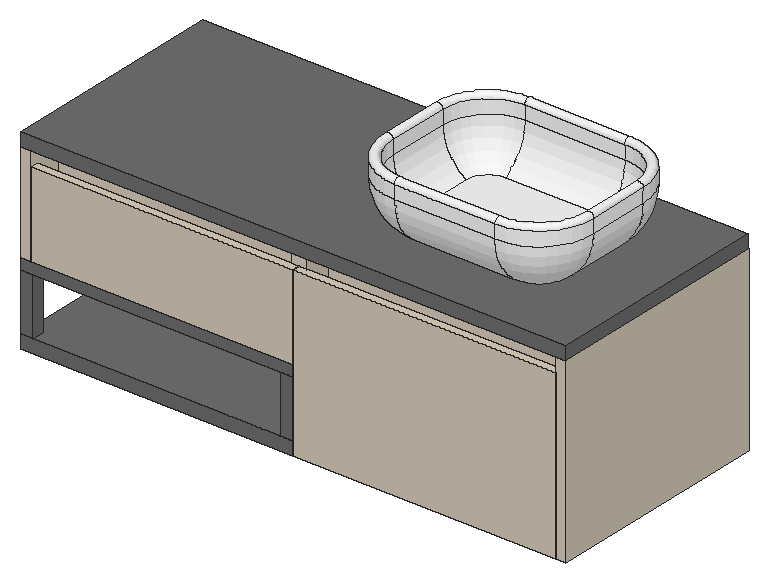
Revit family "LM0156831_Mueble  Plus 120 Cm", category Specialty Equipment, Revit 2019
Family settings
  Round Connector Dimension = Use Diameter
  Part Type = Normal
  Work Plane-Based = No
  Always vertical = Yes
  Cut with Voids When Loaded = No
  Shared = No
  Room Calculation Point = No
Parameters
  Resistencia al Rayado = "700 ciclos."  # constant formula
  Resistencia a la humedad = "8%."  # constant formula
  Profundidad = 500 mm
  Profundida Lavamanos = 376 mm
  Peso Neto aprox = "71,2 lb (32,3 kg)."  # constant formula
  Peso Bruto aprox = "82,5 lb (37,4 kg)."  # constant formula
  Model = "Mueble Plus 120cm"  # constant formula
  Material 3 = Corona_Madera_Onix
  Material 2 = Corona_Madera_Aglomerada_Duna
  Material = Corona_Porcelana_Sanitaria
  Manufacturer = "Corona"  # constant formula
  Fecha de creación = "30/07/2020"  # constant formula
  Dimensiones generales del producto = "16,73” x 47,09” x 19,69” (425 x 1196 x 500 mm)."  # constant formula
  Densidad = "25mm 597 kg./m^3."  # constant formula
  Creado por = "IDD"  # constant formula
  Canto = "PVC rígido 22 mm de calibre."  # constant formula
  Ancho Lavamanos = 460 mm
  Ancho = 1196 mm
  Altura Lavamanos = 150 mm
  Alto = 425 mm
Reference planes
  plane 1 "Center (Front/Back)": y = 0
  plane 2: z = 0
  plane 3 "Center (Left/Right)": x = 0
  plane 4: x = -598
  plane 5: x = 598
  plane 6: y = -500
  plane 7: z = 425
  plane 8: z = 575
  plane 9: x = 52.703
  plane 10: x = 512.703
  plane 11: y = -61.194
  plane 12: y = -437.194
Forms (mm)
  Extrusion 1, solid, material "Corona_Madera_Onix" <- "Material 3"
    sketch origin (0, 0, 0) x (1, 0, 0) y (0, 0, 1)
      loop
        line (-598, 425) -> (-598, 396.484) -> (598, 396.484) -> (598, 425) -> (-598, 425)
    from 0 to 500
  Extrusion 2, solid, material "Corona_Madera_Onix" <- "Material 3"
    sketch origin (0, 0, 0) x (1, 0, 0) y (0, 0, 1)
      loop
        line (0, 28.872) -> (-598, 28.872) -> (-598, 0) -> (0, 0) -> (0, 28.872)
    from 0 to 500
  Extrusion 3, solid, material "Corona_Madera_Onix" <- "Material 3"
    sketch origin (0, 0, 148.75) x (1, 0, 0) y (0, 0, 1)
      loop
        line (0, 28.872) -> (-598, 28.872) -> (-598, 6.25) -> (0, 6.25) -> (0, 28.872)
    from 0 to 500
  Extrusion 4, solid, material "Corona_Madera_Onix" <- "Material 3"
    sketch origin (0, 0, 0) x (1, 0, 0) y (0, 0, 1)
      loop
        line (-570.497, 155) -> (-598, 155) -> (-598, 28.872) -> (-570.497, 28.872) -> (-570.497, 155)
      loop
        line (0, 155) -> (-27.503, 155) -> (-27.503, 28.872) -> (0, 28.872) -> (0, 155)
    from 0 to 27.5
  Extrusion 5, solid, material "Corona_Madera_Onix" <- "Material 3"
    sketch origin (0, -472.5, 0) x (1, 0, 0) y (0, 0, 1)
      loop
        line (-570.497, 155) -> (-598, 155) -> (-598, 28.872) -> (-570.497, 28.872) -> (-570.497, 155)
      loop
        line (0, 155) -> (-27.503, 155) -> (-27.503, 28.872) -> (0, 28.872) -> (0, 155)
    from 0 to 27.5
  Extrusion 6, solid, material "Corona_Madera_Aglomerada_Duna" <- "Material 2"
    sketch origin (0, 0, 0) x (1, 0, 0) y (0, 1, 0)
      loop
        line (-17.099, 0) -> (-17.099, -483.479) -> (17.901, -483.479) -> (17.901, 0) -> (-17.099, 0)
    from 177.622 to 396.484
  Extrusion 7, solid, material "Corona_Madera_Aglomerada_Duna" <- "Material 2"
    sketch origin (0, 0, 0) x (1, 0, 0) y (0, 1, 0)
      loop
        line (0, -425.931) -> (575.5, -425.931) -> (575.5, 0) -> (0, 0) -> (0, -425.931)
    from 0 to 396.484
  Extrusion 8, solid, material "Corona_Madera_Aglomerada_Duna" <- "Material 2"
    sketch origin (0, 0, 0) x (1, 0, 0) y (0, 1, 0)
      loop
        line (-598, 0) -> (-598, -500) -> (-575.578, -500) -> (-575.578, 0) -> (-598, 0)
    from 177.622 to 396.484
  Extrusion 9, solid, material "Corona_Madera_Aglomerada_Duna" <- "Material 2"
    sketch origin (0, 0, 0) x (-1, 0, 0) y (0, -1, 0)
      loop
        line (-598, 0) -> (-575.578, 0) -> (-575.578, 500) -> (-598, 500) -> (-598, 0)
    from 0 to 396.484
  Extrusion 10, solid, material "Corona_Madera_Aglomerada_Duna" <- "Material 2"
    sketch origin (0, 0, 0) x (1, 0, 0) y (0, 1, 0)
      loop
        line (-575.578, -425.931) -> (-17.099, -425.931) -> (-17.099, 0) -> (-575.578, 0) -> (-575.578, -425.931)
    from 177.622 to 396.484
  Extrusion 11, solid, material "Corona_Madera_Aglomerada_Duna" <- "Material 2"
    sketch origin (0, 0, 0) x (1, 0, 0) y (0, 0, 1)
      loop
        line (-575.578, 365) -> (-575.578, 177.622) -> (0, 177.622) -> (0, 365) -> (-575.578, 365)
    from 483.479 to 500
  Extrusion 12, solid, material "Corona_Madera_Aglomerada_Duna" <- "Material 2"
    sketch origin (0, 0, 0) x (1, 0, 0) y (0, 0, 1)
      loop
        line (0, 365) -> (0, 0) -> (575.578, 0) -> (575.578, 365) -> (0, 365)
    from 483.479 to 500
  Sweep 13, solid, material "Corona_Porcelana_Sanitaria" <- "Material"
    path origin (0, 0, 0) x (1, 0, 0) y (0, 1, 0)
      loop
        arc (52.703, -317.194) -> (87.85, -402.047) -> (172.703, -437.194) r 120
        line (172.703, -437.194) -> (392.703, -437.194)
        arc (392.703, -437.194) -> (477.556, -402.047) -> (512.703, -317.194) r 120
        line (512.703, -317.194) -> (512.703, -181.194)
        arc (512.703, -181.194) -> (477.556, -96.342) -> (392.703, -61.194) r 120
        line (392.703, -61.194) -> (172.703, -61.194)
        arc (172.703, -61.194) -> (87.85, -96.342) -> (52.703, -181.194) r 120
        line (52.703, -181.194) -> (52.703, -317.194)
    profile origin (52.703, -249.194, 0) x (-1, 0, 0) y (0, 0, 1)
      loop
        arc (0, 565) -> (-10, 575) -> (-20, 565) r 10
        line (-20, 565) -> (-20, 535)
        arc (-20, 535) -> (-33.73, 483.2) -> (-71.314, 445) r 104.583
        line (-71.314, 445) -> (-86.095, 445) -> (-86.095, 425) -> (-66.095, 425)
        arc (-66.095, 425) -> (-17.794, 470.835) -> (0, 535) r 124.583
        line (0, 535) -> (0, 565)
  Extrusion 14, solid, material "Corona_Porcelana_Sanitaria" <- "Material"
    sketch origin (0, 0, 0) x (1, 0, 0) y (0, 1, 0)
      loop
        line (138.797, -181.194) -> (138.797, -317.194)
        arc (138.797, -317.194) -> (148.728, -341.169) -> (172.703, -351.1) r 33.905
        line (172.703, -351.1) -> (392.703, -351.1)
        arc (392.703, -351.1) -> (416.677, -341.169) -> (426.608, -317.194) r 33.905
        line (426.608, -317.194) -> (426.608, -181.194)
        arc (426.608, -181.194) -> (416.677, -157.22) -> (392.703, -147.289) r 33.905
        line (392.703, -147.289) -> (172.703, -147.289)
        arc (172.703, -147.289) -> (148.728, -157.22) -> (138.797, -181.194) r 33.905
    from 425 to 445
Cuts and joins
  joined: Sweep 13, Extrusion 14
  joined: Extrusion 6, Extrusion 7
Lines and regions (mm)
  symbolic lines
    curve 1: line (172.703, -61.194, 0) -> (392.703, -61.194, 0)
    curve 2: line (52.703, -317.194, 0) -> (52.703, -181.194, 0)
    curve 3: line (392.703, -437.194, 0) -> (172.703, -437.194, 0)
    curve 4: line (512.703, -181.194, 0) -> (512.703, -317.194, 0)
    curve 5: arc (392.703, -437.194, 0) -> (477.556, -402.047, 0) -> (512.703, -317.194, 0) r 120
    curve 6: arc (512.703, -181.194, 0) -> (477.556, -96.342, 0) -> (392.703, -61.194, 0) r 120
    curve 7: arc (172.703, -61.194, 0) -> (87.85, -96.342, 0) -> (52.703, -181.194, 0) r 120
    curve 8: arc (52.703, -317.194, 0) -> (87.85, -402.047, 0) -> (172.703, -437.194, 0) r 120
    curve 9: line (72.703, -317.194, 0) -> (72.703, -181.194, 0)
    curve 10: arc (172.703, -81.194, 0) -> (101.992, -110.484, 0) -> (72.703, -181.194, 0) r 100
    curve 11: line (172.703, -81.194, 0) -> (392.703, -81.194, 0)
    curve 12: arc (492.703, -181.194, 0) -> (463.413, -110.484, 0) -> (392.703, -81.194, 0) r 100
    curve 13: line (492.703, -181.194, 0) -> (492.703, -317.194, 0)
    curve 14: arc (392.703, -417.194, 0) -> (463.413, -387.905, 0) -> (492.703, -317.194, 0) r 100
    curve 15: line (392.703, -417.194, 0) -> (172.703, -417.194, 0)
    curve 16: arc (72.703, -317.194, 0) -> (101.992, -387.905, 0) -> (172.703, -417.194, 0) r 100
    curve 17: circle (276.061, -162.982, 0) r 10 normal (0, 0, 1)
Dimensions and locks
  equal spacing: plane 4, plane 3 "Center (Left/Right)", plane 5
  "Ancho": plane 4 to plane 5
  "Profundidad": plane 6 to plane 1 "Center (Front/Back)"
  "Alto": plane 7 to level
  "Altura Lavamanos": plane 8 to plane 7
  "Ancho Lavamanos": plane 9 to plane 10
  "Profundida Lavamanos": plane 11 to plane 12
  aligned and locked: level to plane 2
Automatic sketch dimensions
  Extrusion 1 sketch curve to plane 4 = 0 mm
  Extrusion 1 sketch curve to plane 5 = 0 mm
  Extrusion 1 sketch curve to plane 7 = 0 mm
  Extrusion 1 sketch curve to plane 7 = 28.516 mm
  Extrusion 2 sketch curve to plane 4 = 0 mm
  Extrusion 2 sketch curve to level = 0 mm
  Extrusion 2 sketch curve to plane 3 "Center (Left/Right)" = 0 mm
  level to Extrusion 2 sketch curve = 28.872 mm
  Extrusion 3 sketch curve to plane 4 = 0 mm
  Extrusion 3 sketch curve to plane 3 "Center (Left/Right)" = 0 mm
  level to Extrusion 3 sketch curve = 155 mm
  Extrusion 3 sketch curve to Extrusion 3 sketch curve = 22.622 mm
  Extrusion 4 sketch curve to plane 4 = 0 mm
  Extrusion 4 sketch curve to plane 3 "Center (Left/Right)" = 0 mm
  plane 4 to Extrusion 4 sketch curve = 27.503 mm
  Extrusion 4 sketch curve to plane 3 "Center (Left/Right)" = 27.503 mm
  level to Extrusion 4 sketch curve = 28.872 mm  (x2)
  Extrusion 4 sketch curve to Extrusion 4 sketch curve = 126.128 mm  (x2)
  Extrusion 5 sketch curve to plane 4 = 0 mm
  Extrusion 5 sketch curve to plane 3 "Center (Left/Right)" = 0 mm
  plane 4 to Extrusion 5 sketch curve = 27.503 mm
  Extrusion 5 sketch curve to plane 3 "Center (Left/Right)" = 27.503 mm
  level to Extrusion 5 sketch curve = 28.872 mm  (x2)
  Extrusion 5 sketch curve to Extrusion 5 sketch curve = 126.128 mm  (x2)
  Extrusion 6 sketch curve to plane 3 "Center (Left/Right)" = 17.099 mm
  plane 3 "Center (Left/Right)" to Extrusion 6 sketch curve = 17.901 mm
  plane 6 to Extrusion 6 sketch curve = 16.521 mm
  plane 1 "Center (Front/Back)" to Extrusion 6 sketch curve = 0 mm
  plane 1 "Center (Front/Back)" to Extrusion 7 sketch curve = 0 mm
  plane 4 to Extrusion 7 sketch curve = 598 mm
  Extrusion 7 sketch curve to plane 5 = 22.5 mm
  plane 6 to Extrusion 7 sketch curve = 74.069 mm
  Extrusion 8 sketch curve to plane 4 = 0 mm
  Extrusion 8 sketch curve to plane 6 = 0 mm
  plane 1 "Center (Front/Back)" to Extrusion 8 sketch curve = 0 mm
  plane 4 to Extrusion 8 sketch curve = 22.422 mm
  Extrusion 9 sketch curve to plane 5 = 0 mm
  Extrusion 9 sketch curve to plane 6 = 0 mm
  plane 1 "Center (Front/Back)" to Extrusion 9 sketch curve = 0 mm
  plane 5 to Extrusion 9 sketch curve = 22.422 mm
  plane 1 "Center (Front/Back)" to Extrusion 10 sketch curve = 0 mm
  plane 4 to Extrusion 10 sketch curve = 22.422 mm
  Extrusion 10 sketch curve to plane 5 = 615.099 mm
  plane 6 to Extrusion 10 sketch curve = 74.069 mm
  plane 4 to Extrusion 11 sketch curve = 22.422 mm
  Extrusion 11 sketch curve to plane 3 "Center (Left/Right)" = 0 mm
  level to Extrusion 11 sketch curve = 177.622 mm
  Extrusion 11 sketch curve to plane 7 = 60 mm
  Extrusion 12 sketch curve to level = 0 mm
  Extrusion 12 sketch curve to plane 3 "Center (Left/Right)" = 0 mm
  Extrusion 12 sketch curve to plane 5 = 22.422 mm
  Extrusion 12 sketch curve to plane 7 = 60 mm
  Sweep 13 sketch curve to plane 9 = 0 mm
  Sweep 13 sketch curve to plane 11 = 0 mm
  Sweep 13 sketch curve to plane 12 = 0 mm
  Sweep 13 sketch curve to plane 10 = 0 mm
  Sweep 13 sketch curve to Sweep 13 sketch curve = 120 mm
  plane 9 to Sweep 13 sketch curve = 120 mm
  Sweep 13 sketch curve to plane 10 = 120 mm  (x2)
  plane 9 to Extrusion 14 sketch curve = 86.095 mm
  Extrusion 14 sketch curve to Extrusion 14 sketch curve = 33.905 mm  (x4)
  plane 12 to Extrusion 14 sketch curve = 120 mm
  Extrusion 14 sketch curve to plane 10 = 120 mm
  Extrusion 14 sketch curve to plane 11 = 120 mm
  Sweep 13 sketch curve to Sweep 13 sketch curve = 0 mm  (x2)
  Sweep 13 sketch curve to profile plane = 0 mm
  Sweep 13 sketch curve to Sweep 13 sketch curve = 10 mm
  profile plane to Sweep 13 sketch curve = 66.095 mm
  Sweep 13 sketch curve to Sweep 13 sketch curve = 5.219 mm
  Sweep 13 sketch curve to Sweep 13 sketch curve = 20 mm
  Sweep 13 sketch curve to Sweep 13 sketch curve = 38.488 mm
  level to Sweep 13 sketch curve = 425 mm
  Sweep 13 sketch curve to Sweep 13 sketch curve = 30 mm
  curve 5 to curve 14 = 0 mm  (x2)
  curve 6 to curve 12 = 0 mm  (x2)
  curve 7 to curve 10 = 0 mm  (x2)
  curve 8 to curve 16 = 0 mm  (x2)
  curve 7 to plane 9 = 0 mm
  curve 3 to plane 12 = 0 mm
  curve 1 to plane 11 = 0 mm
  curve 5 to plane 10 = 0 mm
  curve 2 to curve 9 = 20 mm
  plane 9 to curve 11 = 120 mm
  curve 9 to curve 16 = 100 mm
  curve 7 to curve 17 = 103.358 mm
  curve 1 to plane 10 = 120 mm
  curve 3 to plane 10 = 120 mm
  curve 17 to plane 11 = 101.787 mm
  radius of curve 17 = 10 mm
Connectors
  piping at (297.274, 0, 138.75), diameter 50.8
    settings: on Extrusion 7, index 1, connector inside diameter 609.6 mm, connector length 0 mm, flow factor 0, pipe flow 0.0 L/s, pressure drop 0.0 Pa, fitting loss kfactor 0, connector angle 0.00°, fixture units 0, engagement length 0 mm, angle of deflection 0.00°, flow configuration 0, flow direction 0, fitting loss method 0, system type 22, joint type 0, gender type 0, connector reference index -1, connector utility 0, adjustable connector no, is connector primary yes, connector description ""
  piping at (384.735, 0, 224.708), diameter 12.7
    settings: on Extrusion 7, index 2, connector inside diameter 609.6 mm, connector length 0 mm, flow factor 0, pipe flow 0.0 L/s, pressure drop 0.0 Pa, fitting loss kfactor 0, connector angle 0.00°, fixture units 0, engagement length 0 mm, angle of deflection 0.00°, flow configuration 0, flow direction 1, fitting loss method 0, system type 20, joint type 0, gender type 0, connector reference index -1, connector utility 0, adjustable connector no, is connector primary no, connector description ""
  piping at (211.024, 0, 225), diameter 12.7
    settings: on Extrusion 7, index 3, connector inside diameter 609.6 mm, connector length 0 mm, flow factor 0, pipe flow 0.0 L/s, pressure drop 0.0 Pa, fitting loss kfactor 0, connector angle 0.00°, fixture units 0, engagement length 0 mm, angle of deflection 0.00°, flow configuration 0, flow direction 1, fitting loss method 0, system type 19, joint type 0, gender type 0, connector reference index -1, connector utility 0, adjustable connector no, is connector primary no, connector description ""
